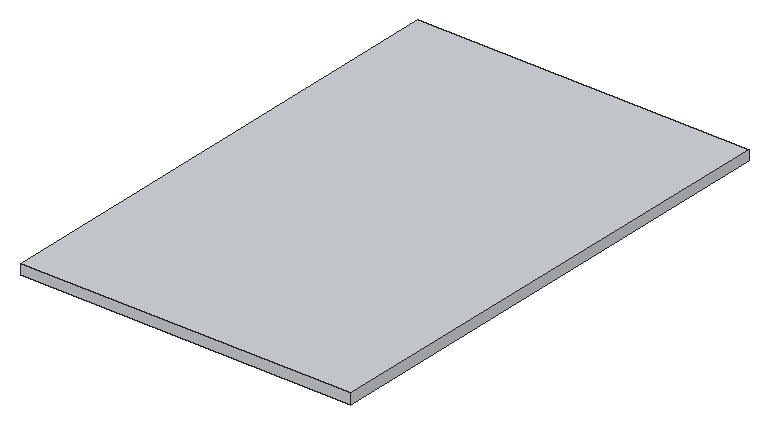
Revit family "TPP - pannello fotovoltaico", category Generic Models, host Face, Revit 2013
Parameters (values of type "100x150 cm")
  spessore = 30 mm
  larghezza = 1000 mm
  Default Elevation = 1219.2 mm
  Altezza = 1500 mm
Types (3, lengths in mm): name | Altezza
  (no name) | 1500
  100x90 cm | 900
  100x150 cm | 1500
Reference planes
  plane 1 "Center (Front/Back)": y = 0
  plane 2: z = 0
  plane 3 "Center (Left/Right)": x = 0
  plane 4: x = -500
  plane 5: x = 500
  plane 6: y = 750
  plane 7: y = -750
  plane 8: z = 30
Forms (mm)
  Extrusion 1, solid
    sketch origin (0, 0, 0) x (1, 0, 0) y (0, 1, 0)
      loop
        line (-500, 750) -> (-500, -750) -> (500, -750) -> (500, 750) -> (-500, 750)
    from 0 to 30
Dimensions and locks
  equal spacing: plane 7, plane 1 "Center (Front/Back)", plane 6
  equal spacing: plane 4, plane 3 "Center (Left/Right)", plane 5
  "Altezza": plane 6 to plane 7
  "larghezza": plane 4 to plane 5
  "spessore": plane 8 to level
  aligned and locked: plane 2 to host face
  aligned and locked: level to host face
  aligned and locked: Extrusion 1 sketch curve to plane 4
  aligned and locked: Extrusion 1 sketch curve to plane 6
  aligned and locked: Extrusion 1 sketch curve to plane 5
  aligned and locked: plane 7 to Extrusion 1 sketch curve
  aligned and locked: plane 8 to Extrusion 1
  aligned and locked: Extrusion 1 to level
Automatic sketch dimensions
  host sketch curve to host sketch curve = 2438.4 mm  (x2)
